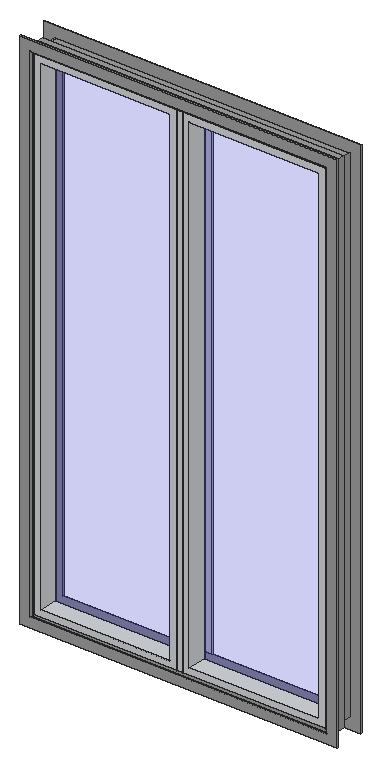
Revit family "3350_Fixed Single Vertical Rail", category Windows, host Wall, Revit 2023
Family settings
  Host = Wall
  OmniClass Number = 23.30.20.00
  OmniClass Title = Windows
  Always vertical = Yes
  Cut with Voids When Loaded = No
  Shared = No
  Room Calculation Point = No
Parameters
  Left Bay Width (Rail Location) = 1' - 2 3/4"
  Height = 5' - 0"
  Glazing Material = Glass
  Frame Material = Default
  Depth From Exterior = 0' - 1"
  Default Sill Height = 3' - 0"
  Wall Closure = By host
  Width = 3' - 0"
Reference planes (in)
  plane 1 "Center (Front/Back)": y = 0
  plane 2: z = 0
  plane 3 "Center (Left/Right)": x = 0
  plane 4 "Left": x = -18
  plane 5 "Right": x = 18
  plane 6 "Sill": z = 36
  plane 7 "Top": z = 96
  plane 8: y = 3
  plane 9: y = 2
  plane 10: y = 0.62401
  plane 11: x = -0.33318
  plane 12: x = -1.09903
  plane 13: x = 0.29436
  plane 14: x = 1.09016
  plane 15: y = 2
  plane 16: y = 1.875
  plane 17: y = 1.875
  plane 18: y = -1.31729
  plane 19: x = 15.84016
  plane 20: y = 0.778
  plane 21: y = -1.32535
  plane 22: y = 0.778
  plane 23: y = -1.32535
Forms (in)
  Sweep 1, solid, material "Default" <- "Frame Material"
    path origin (0, 0, 0) x (1, 0, 0) y (0, 0, 1)
      loop
        line (-18, 36) -> (18, 36) -> (18, 96) -> (-18, 96) -> (-18, 36)
    profile origin (0, 0, 36) x (0, 0, 1) y (0, -1, 0)
      loop
        line (0, -2) -> (2.15984, -2) -> (2.15984, -1.875) -> (1.37524, -1.875) -> (1.37524, 1.32535) -> (1.125, 1.32535) -> (1.125, 1.50499) -> (0, 1.50499) -> (0, 1.37999) -> (1.00415, 1.37999) -> (1.00415, 1.20035) -> (1.25024, 1.20035) -> (1.25024, 0.10249) -> (0.87975, 0.10249) -> (0.87975, -0.65951) -> (1.25024, -0.65951) -> (1.25024, -1.875) -> (0, -1.875) -> (0, -2)
  Sweep 2, solid, material "Glass" <- "Glazing Material"
    path origin (0, 0, 36) x (0, -1, 0) y (1, 0, 0)
      loop
        line (-1.875, -16.62476) -> (-1.875, 16.62476)
    profile origin (0, 1.875, 36) x (0, 1, 0) y (0, 0, 1)
      loop
        line (0, 1.37524) -> (0, 58.62476) -> (-1, 58.62476) -> (-1, 1.37524) -> (0, 1.37524)
  Sweep 3, solid
    path origin (0, 3.18136, 0) x (0, 1, 0) y (0, 0, 1)
      loop
        line (-3.62747, 38.15984) -> (-3.62747, 93.84016)
    profile origin (0, -0.44611, 66) x (0, -1, 0) y (1, 0, 0)
      loop
        line (-2.44611, 1.09016) -> (-2.44611, -1.09903) -> (-2.32111, -1.09903) -> (-2.32111, 1.09016) -> (-2.44611, 1.09016)
  Sweep 4, solid
    path origin (0, 0.08908, 0) x (0, 1, 0) y (0, 0, 1)
      loop
        line (1.45046, 37.37524) -> (1.45046, 94.62476)
    profile origin (0, 1.53955, 66) x (0, -1, 0) y (1, 0, 0)
      loop
        line (-0.33545, 0.29436) -> (-0.33545, -0.33318) -> (2.85683, -0.33318) -> (2.85683, 0.29436) -> (-0.33545, 0.29436)
  Sweep 5, solid
    path origin (0, 0, 0) x (1, 0, 0) y (0, 0, 1)
      loop
        line (-16.62476, 37.37524) -> (-0.33318, 37.37524) -> (-0.33318, 94.62476) -> (-16.62476, 94.62476) -> (-16.62476, 37.37524)
    profile origin (-8.47897, 0, 37.37524) x (0, 0, 1) y (0, -1, 0)
      loop
        line (0.78124, 1.32535) -> (0, 1.32535) -> (0, -0.778) -> (0.78124, -0.778) -> (0.78124, 1.32535)
  Sweep 6, solid
    path origin (0, 0, 0) x (1, 0, 0) y (0, 0, 1)
      loop
        line (0.29436, 37.37524) -> (16.62476, 37.37524) -> (16.62476, 94.62476) -> (0.29436, 94.62476) -> (0.29436, 37.37524)
    profile origin (8.45956, 0, 37.37524) x (0, 0, 1) y (0, -1, 0)
      loop
        line (0.78124, 1.32535) -> (0, 1.32535) -> (0, -0.778) -> (0.78124, -0.778) -> (0.78124, 1.32535)
Lines and regions (in)
  Opening 1
    outline origin (-60, -3, 0) x (1, 0, 0) y (0, 0, 1)
      loop
        line (42, 96) -> (42, 36) -> (78, 36) -> (78, 96) -> (42, 96)
Text (in)
  text "EXTERIOR" at (-58.6888, 50.90694, 0), in view "Ref. Level"
  text "INTERIOR" at (-58.6888, -37.76638, 0), in view "Ref. Level"
  text "Exterior" at (0, 43.65631, 123.19604), in view "Left"
  text "Exterior" at (0, 18.29385, 125.04747), in view "Right"
Dimensions and locks (in)
  equal spacing: plane 4 "Left", plane 3 "Center (Left/Right)", plane 5 "Right"
  plane 4 "Left" to plane 5 "Right" = 3' - 0"
  locked: plane 8 to plane 1 "Center (Front/Back)" at 3
  "Depth From Exterior": plane 8 to plane 9
  locked: plane 9 to plane 10 at 1.37599
  "Height": plane 6 "Sill" to plane 7 "Top"
  "Default Sill Height": plane 2 to plane 6 "Sill"
  "Width": plane 4 "Left" to plane 5 "Right"
  locked: plane 15 to plane 16 at 0.125
  locked: plane 17 to plane 18 at 3.19229
  locked: plane 12 to plane 14 at 2.18918
  locked: plane 11 to plane 13 at 0.62754
  locked: plane 12 to plane 11 at 0.76584
  locked: plane 19 to plane 5 "Right" at 2.15984
  "Left Bay Width (Rail Location)": plane 14 to plane 19
  locked: plane 20 to plane 21 at 2.10335
  locked: plane 15 to plane 20 at 1.222
  locked: plane 22 to plane 23 at 2.10335
  aligned and locked: plane 7 "Top" to Opening 1 sketch curve
  aligned and locked: plane 6 "Sill" to Opening 1 sketch curve  (x2)
  aligned and locked: plane 5 "Right" to Opening 1 sketch curve
  aligned and locked: plane 4 "Left" to Opening 1 sketch curve
  aligned and locked: level to plane 2
  aligned and locked: plane 6 "Sill" to Sweep 1 sketch curve
  aligned and locked: plane 4 "Left" to Sweep 1 sketch curve
  aligned and locked: Sweep 1 sketch curve to plane 7 "Top"
  aligned and locked: Sweep 1 sketch curve to plane 5 "Right"
  aligned and locked: Sweep 1 to plane 9
  aligned and locked: Sweep 2 sketch curve to Sweep 1  (x5)
  aligned and locked: Sweep 1 to Sweep 3 sketch curve
  aligned and locked: Sweep 3 sketch curve to Sweep 1
  aligned and locked: Sweep 2 to Sweep 4 sketch curve  (x2)
  aligned and locked: plane 11 to Sweep 4
  aligned and locked: plane 13 to Sweep 4
  aligned and locked: plane 14 to Sweep 3
  aligned and locked: plane 12 to Sweep 3
  aligned and locked: plane 18 to Sweep 4
  aligned and locked: plane 17 to Sweep 4
  aligned and locked: plane 16 to Sweep 3
  aligned and locked: plane 15 to Sweep 3
  aligned and locked: plane 16 to plane 17
  aligned and locked: plane 15 to plane 9
  aligned and locked: plane 19 to Sweep 1
  aligned and locked: Sweep 5 sketch curve to Sweep 1  (x3)
  aligned and locked: Sweep 5 sketch curve to Sweep 4
  aligned and locked: plane 20 to Sweep 5
  aligned and locked: plane 21 to Sweep 5
  aligned and locked: plane 21 to Sweep 1
  aligned and locked: Sweep 6 sketch curve to Sweep 1  (x3)
  aligned and locked: Sweep 6 sketch curve to Sweep 4
  aligned and locked: plane 22 to Sweep 6
  aligned and locked: plane 23 to Sweep 6
  aligned and locked: plane 20 to plane 22
Automatic sketch dimensions
  Sweep 1 sketch curve to profile plane = 0' - 0"
  Sweep 1 sketch curve to Sweep 1 sketch curve = 0' - 0"
  Sweep 1 sketch curve to Sweep 1 sketch curve = 0' - 0.87975"
  Sweep 1 sketch curve to Sweep 1 sketch curve = 0' - 1.00415"
  Sweep 1 sketch curve to Sweep 1 sketch curve = 0' - 0.12085"
  Sweep 1 sketch curve to Sweep 1 sketch curve = 0' - 1.25024"
  Sweep 1 sketch curve to Sweep 1 sketch curve = 0' - 0.12524"
  Sweep 1 sketch curve to Sweep 1 sketch curve = 0' - 0 1/8"  (x5)
  Sweep 1 sketch curve to Sweep 1 sketch curve = 0' - 0.7846"
  Sweep 1 sketch curve to plane 1 "Center (Front/Back)" = 0' - 2"
  Sweep 1 sketch curve to Sweep 1 sketch curve = 0' - 1.21549"
  Sweep 1 sketch curve to Sweep 1 sketch curve = 0' - 1.85986"
  Sweep 1 sketch curve to Sweep 1 sketch curve = 0' - 0.05464"
  Sweep 1 sketch curve to Sweep 1 sketch curve = 0' - 0.762"
  Sweep 2 sketch curve to profile plane = 0' - 0"
  profile plane to Sweep 2 sketch curve = 0' - 1"
  plane 9 to Sweep 3 sketch curve = 0' - 2.44611"
  profile plane to Sweep 3 sketch curve = 0' - 2.44611"
  Sweep 3 sketch curve to Sweep 3 sketch curve = 0' - 0 1/8"
  Sweep 3 sketch curve to plane 3 "Center (Left/Right)" = 0' - 1.09903"
  Sweep 3 sketch curve to Sweep 3 sketch curve = 0' - 2.18918"
  plane 9 to Sweep 4 sketch curve = 0' - 0.46045"
  Sweep 4 sketch curve to plane 3 "Center (Left/Right)" = 0' - 0.33318"
  profile plane to Sweep 4 sketch curve = 0' - 0.33545"
  Sweep 4 sketch curve to profile plane = 0' - 2.85683"
  Sweep 4 sketch curve to Sweep 4 sketch curve = 0' - 0.62754"
  Sweep 5 sketch curve to profile plane = 0' - 0"
  Sweep 5 sketch curve to Sweep 5 sketch curve = 0' - 0 25/32"
  Sweep 5 sketch curve to plane 1 "Center (Front/Back)" = 0' - 0.778"
  Sweep 5 sketch curve to Sweep 5 sketch curve = 0' - 2.10335"
  Sweep 6 sketch curve to profile plane = 0' - 0"
  Sweep 6 sketch curve to Sweep 6 sketch curve = 0' - 0 25/32"
  Sweep 6 sketch curve to plane 1 "Center (Front/Back)" = 0' - 0.778"
  Sweep 6 sketch curve to Sweep 6 sketch curve = 0' - 2.10335"
